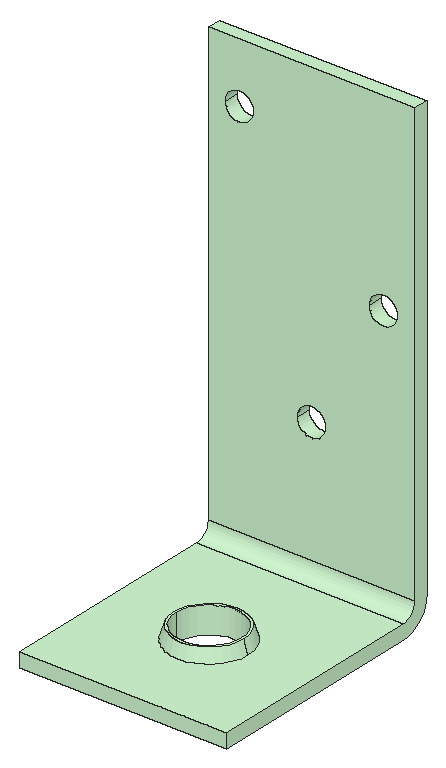
Revit family "LGフック(木用)", category 機械設備, Revit 2020
Family settings
  丸型コネクタ寸法 = 直径を使用
  種別 = なし
  パーツ タイプ = 標準
  作業面ベース = いいえ
  常に垂直 = はい
  ロード時にボイドで切り取り = いいえ
  共有 = いいえ
  部屋計算ポイント = いいえ
Parameters
  製造元 = "株式会社桐井製作所"
  既定の高さ = 0 mm
  URL = "https://www.kirii.co.jp/"
  K_品名 = "LGフック(木用)"
  K_名称 = "吊元金具"
  K_入数 = "400"
  K_バージョン情報 = "20211012"
Reference planes
  plane 1 "中心(正面/背面)": y = 0
  plane 2: z = 0
  plane 3 "中心(左/右)": x = 0
Forms (mm)
  Extrusion 1, solid
    sketch origin (0, 0, 0.091) x (0, 1, 0) y (0, 0, 1)
      loop
        line (-2, 65.909) -> (-2, 3.909)
        arc (-2, 3.909) -> (-2.586, 2.495) -> (-4, 1.909) r 2
        line (-4, 1.909) -> (-35, 1.909) -> (-35, -0.091) -> (-4, -0.091)
        arc (-4, -0.091) -> (-1.172, 1.081) -> (0, 3.909) r 4
        line (0, 3.909) -> (0, 65.909) -> (-2, 65.909)
    from -14.5 to 14.5
  Extrusion 2, void
    sketch origin (0.013, -4.24, 0) x (1, 0, 0) y (0, 1, 0)
      loop
        circle (-0.013, -15.76) r 4.6
    from 0 to 3.8
  Blend 3, solid
    base sketch origin (0, 0, 0) x (1, 0, 0) y (0, 1, 0)
      loop
        circle (0, -20) r 5.5
    top sketch origin (0, 0, 0) x (1, 0, 0) y (0, 1, 0)
      loop
        circle (0, -20) r 4.9
    from 2 to 3.8
  Extrusion 4, void
    sketch origin (0, 0, 0) x (1, 0, 0) y (0, 0, 1)
      loop
        circle (-10.1, 57.6) r 2
      loop
        circle (10.1, 39) r 2
      loop
        circle (0, 21.46) r 2
    from 0 to 2
Cuts and joins
  Extrusion 2, Extrusion 4 cuts Extrusion 1
  Extrusion 2 cuts Blend 3
  joined: Extrusion 1, Blend 3
Dimensions and locks
  aligned and locked: level to plane 2
